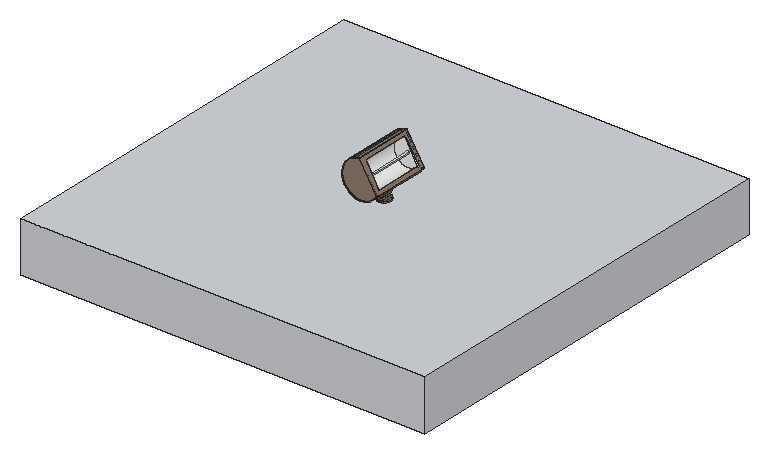
Revit family
Parameters (values of type "AFL11/35HPS208")
  Wattage = 9.2903 W
  built-in parameter 1150110 = 1 (stored number, unit not read)
  built-in parameter 1114217 = 1 (stored number, unit not read)
  Tilt Angle = 30.00°
  built-in parameter 1150109 = 1 (stored number, unit not read)
  built-in parameter 1150134 = 3
  built-in parameter 1150113 = 1 (stored number, unit not read)
  Standard Swivel Material = Metal-Kim Lighting-Aluminum
  Photometric Web File = "generic.ies"
  built-in parameter 1150105 = 109.82 (stored number, unit not read)
  Lumens = 1380 lm
  built-in parameter 1150115 = 1 (stored number, unit not read)
  built-in parameter 1150137 = (empty or 0)
  built-in parameter 1150139 = (empty or 0)
  Light Bulb Visible = Light Bulb = 1  # yes
  Light Bulb = 1
  Wattage Comments = "35 WATT HIGH PRESSURE SODIUM"
  Voltage = 120 V
  URL = "www.kimlighting.com/"
  Type Comments = "Lighting Fixture"  # constant formula
  Series = "AFL10 Architectural Floodlights"  # constant formula
  Revision Date = "01/08/2010"  # constant formula
  Power Factor = 1
  OmniClass Title = "Exterior Floodlighting"  # constant formula
  OmniClass Number = "23-80 70 14 14"  # constant formula
  Number of Poles = 1
  Note Visible = yes
  Note Text = "LF"  # constant formula
  Model = "AFL10 Architectural Floodlights"  # constant formula
  MasterFormat Title = "Flood Lighting"  # constant formula
  MasterFormat Number = "26 56 36"  # constant formula
  Manufacturer = "Kim Lighting"  # constant formula
  Light Source-Kim Lighting = Light Source-Kim Lighting
  built-in parameter 1150112 = 1 (stored number, unit not read)
  built-in parameter 1150114 = 1 (stored number, unit not read)
  Lamp = "HPS"
  LEED = "www.usgbc.org"
  Kim Lighting IES File = "afl11-035s.ies"
  Keynote = ""
  Initial Lumens = 2250 lm
  Inside Material = Metal-Kim Lighting-Aluminum-Reflective
  built-in parameter 1150132 = (empty or 0)
  built-in parameter 1150102 = (empty or 0)
  built-in parameter 1150107 = 3200 (stored number, unit not read)
  built-in parameter 1150138 = (empty or 0)
  built-in parameter 1150106 = 1.0982 (stored number, unit not read)
  Glass Material = Glass-Kim Lighting-Clear
  Full Load Current = 0 A
  Frequency = 60 Hz
  Finish = "All colors shall be a Super TGIC powder coat paint. Optional white (WH) and custom colors available."
  built-in parameter 1150104 = 13.8 (stored number, unit not read)
  Dimming Lamp Color Temperature Shift = (empty or 0)
  Description = "Exterior Lighting"  # constant formula
  Default Elevation = 0' - 0"
  Outside Material = Metal-Kim Lighting-Aluminum Alloy-Bronze
  Cost = 0
  Color Filter = 16777215
  built-in parameter 1114216 [instance] = (empty or 0)
  built-in parameter 1140040 [instance] = -1
  built-in parameter 1114218 = 1 (stored number, unit not read)
  built-in parameter 1150133 = 10 (stored number, unit not read)
  Assembly Code = "D5020200"
  Architectural Design Manual = "http://www.kimlighting.com/kl-1071.pdf"
  Apparent Load = 50 VA
  Angle = 0.00°
Reference planes (in)
  plane 1 "Center (Front/Back)": y = 0
  plane 2 "Bottom": z = 0
  plane 3 "Center (Left/Right)": x = 0
  plane 4: z = 0
  plane 5 "Left": y = 7
  plane 6 "Right": y = -7
  plane 7 "Center (Elevation)": z = 1.61704
  plane 8: y = 5.75
  plane 9: y = -5.75
  plane 10: y = 0.75
  plane 11: y = 1.10039
  plane 12: y = -1.02454
  plane 13: y = 0.49917
  plane 14: y = -0.50083
  plane 15 "Back": x = -0.8
  plane 16 "Front": x = 0.8
  plane 17: z = 0.5
Forms (in)
  Extrusion 1, solid
    sketch origin (0, 0, 0) x (1, 0, 0) y (0, 1, 0)
      loop
        line (-48, 48) -> (-48, -48) -> (48, -48) -> (48, 48) -> (-48, 48)
    from 0 to -12
  Sweep 2, solid, material "Metal-Kim Lighting-Aluminum" <- "Standard Swivel Material"
    path in 3D
      loop
        line (0, -0.50083, 6.9821) -> (0, 0.49917, 6.9821)
    profile origin (0, -0.00083, 6.9821) x (-1, 0, 0) y (0, 0, 1)
      loop
        line (-0.75, -4.39083) -> (-0.75, -5.31651)
        arc (-0.75, -5.31651) -> (0, -6.12261) -> (0.75, -5.31651) r 0.75195
        line (0.75, -5.31651) -> (0.75, -4.39083) -> (-0.75, -4.39083)
  Sweep 3, solid, material "Metal-Kim Lighting-Aluminum" <- "Standard Swivel Material", detail levels fine
    path in 3D
      loop
        line (0, 1.10039, 1.625) -> (0, -1.02454, 1.625)
    profile origin (0, 0.03793, 1.625) x (1, 0, 0) y (0, 0, 1)
      loop
        line (0.8, -1.125) -> (-0.8, -1.125) -> (-0.8, -1.5) -> (0.8, -1.5) -> (0.8, -1.125)
  Sweep 4, solid, material "Metal-Kim Lighting-Aluminum" <- "Standard Swivel Material"
    path in 3D
      loop
        line (0, 0.75, 1.625) -> (0, 0, 1.625)
    profile origin (0, 0.375, 1.625) x (1, 0, 0) y (0, 0, 1)
      loop
        arc (0.8, -0.05593) -> (0, 0.80195) -> (-0.8, -0.05593) r 0.80195
        line (-0.8, -0.05593) -> (-0.8, -1.5) -> (0.8, -1.5) -> (0.8, -0.05593)
  Sweep 5, solid, material "Metal-Kim Lighting-Aluminum" <- "Standard Swivel Material"
    path origin (0, 0, 0) x (1, 0, 0) y (0, 0, 1)
      loop
        line (0, 0.125) -> (0, 0)
    profile origin (0, 0, 0.0625) x (0, -1, 0) y (1, 0, 0)
      loop
        circle (0, 0) r 1.5
  Sweep 6, solid, material "Metal-Kim Lighting-Aluminum" <- "Standard Swivel Material", detail levels fine
    path in 3D
      loop
        line (0.8, 1.10039, 0.5) -> (0.8, -1.02454, 0.5)
    profile origin (0.8, 0.03793, 0.5) x (1, 0, 0) y (0, 0, 1)
      loop
        circle (-0.8, 1.11704) r 0.80195
Lines and regions (in)
  reference lines
    curve 1: line (0, 0, 0.83114) -> (0, 0, 1.33114)
    curve 2: line (0, 0, 0) -> (0, 0, 1.625)
    curve 3: line (0, 0, 1.625) -> (0, 0, 6.9821)
    curve 4: line (0, -7, 6.9821) -> (0, 7, 6.9821)
    curve 60: line (0, 1.10039, 1.625) -> (0, -1.02454, 1.625)
    curve 63: line (0, 0, 6.9821) -> (0.43301, 0, 7.2321)
  sketch lines
    curve 5: line (0, -0.50083, 6.9821) -> (0, 0.49917, 6.9821)
    curve 61: line (0, 0.75, 1.625) -> (0, 0, 1.625)
    curve 62: line (0, 1.10039, 1.625) -> (0, -1.02454, 1.625)
    curve 76: line (0.8, 1.10039, 0.5) -> (0.8, -1.02454, 0.5)
  symbolic lines
    curve 6: line (-1.81371, 7, 0) -> (4.7324, 7, 0)
    curve 7: line (-1.81371, -7, 0) -> (-1.81371, 7, 0)
    curve 8: line (4.7324, -7, 0) -> (-1.81371, -7, 0)
    curve 9: line (4.7324, 7, 0) -> (4.7324, -7, 0)
    curve 17: line (-0.8, 7, 10.62762) -> (-0.8, -7, 10.62762)
    curve 18: line (-0.8, 7, 1.60245) -> (-0.8, 7, 10.62762)
    curve 19: line (-0.8, -7, 1.60245) -> (-0.8, 7, 1.60245)
    curve 20: line (-0.8, -7, 10.62762) -> (-0.8, -7, 1.60245)
  symbolic lines, detail levels coarse
    curve 10: line (-1.81371, 4.89351, 0) -> (4.31129, -7, 0)
    curve 11: line (4.31129, 7, 0) -> (-1.81371, -4.55205, 0)
    curve 22: line (-0.8, 7, 10.62396) -> (-0.8, -7, 1.61697)
    curve 23: line (-0.8, -7, 10.62396) -> (-0.8, 7, 1.61223)
    curve 35: line (-0.8, 0, 1.60245) -> (-0.8, 0.73632, 0)
    curve 36: line (-0.8, 0, 1.60245) -> (-0.8, -0.73632, 0)
    curve 37: line (-0.8, 0.73632, 0) -> (-0.8, -0.73632, 0)
    curve 50: line (0, 0, 1.625) -> (0.79257, 0, 0)
    curve 51: line (0, 0, 1.625) -> (-0.82798, 0, 0)
    curve 64: line (-0.45753, 0, 12.05358) -> (-6.09466, 0, 8.79898)
    curve 65: line (-1.59466, 0, 1.00475) -> (4.04247, 0, 4.25935)
    curve 66: line (-6.09466, 0, 8.79898) -> (-1.59466, 0, 1.00475)
    curve 68: line (-0.45753, 0, 12.05358) -> (4.04247, 0, 4.25935)
    curve 69: line (-0.45753, 0, 12.05358) -> (-2.58119, 0, 2.71346)
    curve 70: line (4.04247, 0, 4.25935) -> (-5.15924, 0, 7.17878)
    curve 75: line (-0.82798, -1.02454, 0) -> (0.79257, -1.02454, 0)
  symbolic lines, detail levels medium+fine
    curve 12: arc (-1.81371, 1.34451, 0) -> (-2.40808, 0, 0) -> (-1.81371, -1.34451, 0) r 1.81789
    curve 13: line (3.17188, 5.75, 0) -> (4.7324, 5.75, 0)
    curve 14: line (3.17188, 5.75, 0) -> (3.17188, -5.75, 0)
    curve 15: line (3.17188, -5.75, 0) -> (4.7324, -5.75, 0)
    curve 21: line (-0.8, 0.75, 1.60245) -> (-0.8, -0.50083, 1.60245)
    curve 24: line (-0.8, 0, 0.85949) -> (-0.8, -0.50083, 0.85949)
    curve 25: line (-0.8, -0.50083, 0.85949) -> (-0.8, -0.50083, 1.60245)
    curve 26: line (-0.8, 6, 9.58719) -> (-0.8, -6, 9.58719)
    curve 27: line (-0.8, 6, 2.649) -> (-0.8, 6, 9.58719)
    curve 28: line (-0.8, -6, 2.649) -> (-0.8, 6, 2.649)
    curve 29: line (-0.8, -6, 9.58719) -> (-0.8, -6, 2.649)
    curve 32: line (-0.8, 1.49789, 0.125) -> (-0.8, -1.50439, 0.125)
    curve 33: line (-0.8, -1.50439, 0) -> (-0.8, 1.49789, 0)
    curve 34: line (-0.8, -1.50439, 0.125) -> (-0.8, -1.50439, 0)
    curve 38: line (-0.8, 0.75, 1.60245) -> (-0.8, 0.75, 0.125)
    curve 39: line (-0.8, 0, 0.55983) -> (-0.8, 0, 1.60245)
    curve 40: line (-0.8, 1.49789, 0.125) -> (-0.8, 1.49789, 0)
    curve 52: line (1.49916, 0.75, 0) -> (-1.50002, 0.75, 0)
    curve 53: line (1.49916, 0.75, 0.125) -> (1.49916, 0.75, 0)
    curve 54: line (-1.50002, 0.75, 0) -> (-1.50002, 0.75, 0.125)
    curve 55: line (0.75, 0, 2.69351) -> (0.75, 0, 1.92596)
    curve 56: line (0.8, 0, 1.51064) -> (0.8, 0, 0.125)
    curve 57: line (-0.8, 0, 1.56907) -> (-0.8, 0, 0.125)
    curve 58: circle (0, 0, 1.625) r 0.80195 normal (0, -1, 0)
    curve 59: line (-0.75488, 0, 2.70177) -> (-0.75488, 0, 1.91395)
    curve 71: line (-0.2119, 0, 11.62814) -> (3.79685, 0, 4.68479)
    curve 73: arc (-0.2119, 0, 11.62814) -> (-3.87522, 0, 4.88422) -> (3.79685, 0, 4.68479) r 4.5
    curve 74: line (-1.5, -1.02454, 0.125) -> (1.5, -1.02454, 0.125)
  symbolic lines, detail levels fine
    curve 16: line (2.18629, 7, 0) -> (2.18629, -7, 0)
    curve 30: line (-0.8, 7, 10.08719) -> (-0.8, -7, 10.08719)
    curve 31: line (-0.8, 7, 2.149) -> (-0.8, -7, 2.149)
    curve 42: line (-0.8, 1.10039, 0.55983) -> (-0.8, -1.02454, 0.55983)
    curve 43: line (-0.8, -1.02454, 0.55983) -> (-0.8, -1.02454, 0.125)
    curve 44: line (-0.8, -0.50083, 0.85949) -> (-0.8, -0.89961, 0.85949)
    curve 45: line (-0.8, -0.89961, 0.85949) -> (-0.8, -0.89961, 1.60245)
    curve 46: line (-0.8, 0.75, 1.60245) -> (-0.8, 1.10039, 1.60245)
    curve 47: line (-0.8, 1.10039, 0.85949) -> (-0.8, 0.75, 0.85949)
    curve 48: line (-0.8, 1.10039, 0.85949) -> (-0.8, 1.10039, 1.60245)
    curve 67: line (-1.28705, 0, 11.43964) -> (3.09603, 0, 3.84793)
    curve 72: line (-0.8, 1.10039, 0.55983) -> (-0.8, 1.10039, 0.125)
  symbolic lines, detail levels medium
    curve 41: line (-0.8, -1.50439, 0.125) -> (-0.8, 1.49789, 0.125)
    curve 49: line (-0.8, 0, 0.55983) -> (-0.8, 0, 0.125)
Dimensions and locks (in)
  locked: Sweep 2 to curve 60 at 0.96626
  locked: plane 7 "Center (Elevation)" to plane 4 at 1.61704
  "Default Elevation": plane 4 to level
  equal spacing: plane 5 "Left", plane 1 "Center (Front/Back)", plane 6 "Right"
  locked: plane 5 "Left" to plane 6 "Right" at 14
  plane 8 to plane 1 "Center (Front/Back)" to plane 9 = 0' - 5 3/4" locked, 0' - 5 3/4" locked
  locked: plane 11 to plane 1 "Center (Front/Back)" at 1.10039
  locked: plane 10 to plane 1 "Center (Front/Back)" at 0.75
  locked: plane 1 "Center (Front/Back)" to plane 12 at 1.02454
  locked: plane 1 "Center (Front/Back)" to plane 14 at 0.50083
  locked: plane 13 to plane 1 "Center (Front/Back)" at 0.49917
  plane 15 "Back" to plane 3 "Center (Left/Right)" to plane 16 "Front" = 0' - 0.8" locked, 0' - 0.8" locked
  locked: plane 4 to curve 51 at 1.625
  locked: plane 4 to plane 17 at 0.5
  "Angle": angle curve 3 to plane 3 "Center (Left/Right)"
  aligned and locked: plane 2 "Bottom" to Extrusion 1
  aligned and locked: level to Extrusion 1
  aligned and locked: plane 5 "Left" to curve 4
  aligned and locked: plane 6 "Right" to curve 4
  aligned and locked: plane 1 "Center (Front/Back)" to nested 1
  aligned and locked: curve 6 to plane 5 "Left"
  aligned and locked: Sweep 5 to curve 54
  aligned and locked: Sweep 5 to curve 53
  aligned and locked: curve 52 to plane 4
  aligned and locked: plane 4 to Sweep 5
  aligned and locked: plane 4 to curve 33
  aligned and locked: curve 37 to plane 4
  aligned and locked: curve 19 to curve 46
  aligned and locked: curve 60 to curve 43
  aligned and locked: curve 72 to Sweep 3
  aligned and locked: curve 74 to Sweep 5
  aligned and locked: Sweep 5 to plane 4
  aligned and locked: plane 8 to nested 2
  aligned and locked: plane 10 to Sweep 4
  aligned and locked: plane 3 "Center (Left/Right)" to Sweep 5 sketch curve
  aligned and locked: plane 1 "Center (Front/Back)" to Sweep 5 sketch curve
  aligned and locked: plane 14 to Sweep 2
  aligned and locked: plane 13 to Sweep 2
  aligned and locked: plane 11 to Sweep 3
  aligned and locked: plane 12 to Sweep 3
  aligned and locked: plane 16 "Front" to Sweep 4
  aligned and locked: plane 15 "Back" to Sweep 4
  aligned and locked: plane 3 "Center (Left/Right)" to Sweep 6 sketch curve
  aligned and locked: plane 7 "Center (Elevation)" to Sweep 6 sketch curve
  aligned and locked: imposter light to plane 17
  aligned and locked: plane 17 to Sweep 3
  aligned and locked: imposter light to plane 1 "Center (Front/Back)"
Automatic sketch dimensions
  Extrusion 1 sketch curve to Extrusion 1 sketch curve = 8' - 0"  (x2)
  Sweep 3 sketch curve to profile plane = 0' - 1 1/8"
  Sweep 3 sketch curve to profile plane = 0' - 0.8"
  Sweep 3 sketch curve to profile plane = 0' - 1 1/2"
  profile plane to Sweep 3 sketch curve = 0' - 0.8"
  curve 60 to plane 3 "Center (Left/Right)" = 0' - 0"
  curve 60 to plane 1 "Center (Front/Back)" = 0' - 1.10039"
  plane 1 "Center (Front/Back)" to curve 60 = 0' - 1.02454"
  Sweep 4 sketch curve to profile plane = 0' - 0"  (x2)
  Sweep 4 sketch curve to profile plane = 0' - 0.05593"
  profile plane to Sweep 4 sketch curve = 0' - 0.8"
  Sweep 4 sketch curve to profile plane = 0' - 0.8"
  Sweep 4 sketch curve to Sweep 4 sketch curve = 0' - 1.44407"
  curve 63 to curve 3 = 0' - 0"  (x2)
  curve 3 to curve 63 = 0' - 0 1/4"
  curve 63 to curve 3 = 0' - 0.43301"
  curve 4 to plane 6 "Right" = 0' - 0"
  Sweep 2 sketch curve to profile plane = 0' - 0"
  profile plane to Sweep 2 sketch curve = 0' - 0 3/4"
  Sweep 2 sketch curve to profile plane = 0' - 0 3/4"
  Sweep 2 sketch curve to profile plane = 0' - 5.37066"
  Sweep 2 sketch curve to Sweep 2 sketch curve = 0' - 0.05414"
  Sweep 2 sketch curve to Sweep 2 sketch curve = 0' - 0.92568"
  curve 57 to Sweep 4 = 0' - 0"  (x2)
  curve 56 to Sweep 4 = 0' - 0"  (x2)
  Sweep 4 to curve 51 = 0' - 0.02798"
  Sweep 4 to curve 51 = 0' - 0 1/8"
  curve 50 to Sweep 4 = 0' - 0.00743"
  Sweep 4 to curve 50 = 0' - 0 1/8"
  curve 56 to curve 58 = 0' - 0.11436"
  curve 50 to curve 58 = 0' - 0"
  curve 51 to curve 58 = 0' - 0"
  Sweep 5 sketch curve to plane 3 "Center (Left/Right)" = 0' - 0"
  plane 4 to Sweep 5 sketch curve = 0' - 0 1/8"
  Sweep 5 sketch curve to plane 4 = 0' - 0"
  curve 52 to plane 3 "Center (Left/Right)" = 0' - 1 1/2"
  plane 3 "Center (Left/Right)" to curve 53 = 0' - 1.49916"
  curve 1 to plane 3 "Center (Left/Right)" = 0' - 0"
  curve 2 to plane 3 "Center (Left/Right)" = 0' - 0"
  curve 2 to plane 4 = 0' - 0"
  level to curve 1 = 0' - 1.33114"
  curve 1 to curve 1 = 0' - 0 1/2"
  plane 7 "Center (Elevation)" to curve 3 = 0' - 0.00796"
  curve 47 to Sweep 3 = 0' - 0"
  curve 46 to Sweep 3 = 0' - 0"
  curve 33 to Sweep 3 = 0' - 0.39749"
  curve 28 to Sweep 3 = 0' - 4.89961"
  curve 22 to curve 26 = 0' - 1"
  curve 31 to curve 27 = 0' - 1"
  curve 46 to curve 38 = 0' - 0.35039"
  curve 38 to curve 37 = 0' - 0.01368"
  curve 47 to curve 49 = 0' - 0 3/4"
  curve 35 to curve 21 = 0' - 0.50083"
  Sweep 3 to curve 37 = 0' - 0.28822"
  curve 36 to curve 37 = 0' - 0"
  Sweep 3 to curve 45 = 0' - 0.12493"
  curve 32 to Sweep 3 = 0' - 0.47985"
  curve 29 to Sweep 3 = 0' - 4.97546"
  curve 28 to curve 31 = 0' - 1"
  curve 42 to curve 47 = 0' - 0.29966"
  curve 18 to curve 23 = 0' - 0.00978"
  curve 19 to curve 22 = 0' - 0.01452"
  curve 23 to curve 31 = 0' - 0.53677"
  curve 27 to curve 27 = 0' - 6.93819"
  curve 26 to curve 30 = 0' - 0 1/2"
  curve 30 to curve 23 = 0' - 0.53677"
  curve 30 to curve 22 = 0' - 0.53677"
  curve 23 to curve 17 = 0' - 0.00366"
  curve 75 to Sweep 3 = 0' - 0.00743"
  Sweep 3 to curve 75 = 0' - 0 1/8"
  Sweep 3 to curve 74 = 0' - 0.7"
  Sweep 3 to curve 75 = 0' - 0.02798"
  curve 75 to curve 74 = 0' - 0.67202"
  curve 66 to curve 3 = 0' - 0.62025"
  curve 3 to curve 59 = 0' - 0.28895"
  curve 3 to curve 55 = 0' - 0.30096"
  curve 55 to curve 55 = 0' - 0.76755"
  curve 59 to curve 59 = 0' - 0.78782"
  curve 3 to curve 69 = 0' - 1.08846"
  curve 3 to curve 67 = 0' - 2.22293"
  curve 67 to curve 65 = 0' - 0.41142"
  curve 70 to curve 71 = 0' - 0.42544"
  curve 3 to curve 73 = 0' - 0.02189"
  curve 3 to curve 73 = 0' - 0.15212"
  curve 3 to curve 70 = 0' - 0.19669"
  curve 3 to curve 66 = 0' - 1.81688"
  curve 67 to curve 3 = 0' - 1.28705"
  curve 67 to curve 64 = 0' - 0.61394"
  curve 71 to curve 3 = 0' - 0.2119"
  curve 65 to curve 73 = 0' - 0.24563"
  curve 64 to curve 3 = 0' - 0.45753"
  curve 7 to plane 6 "Right" = 0' - 0"
  curve 12 to plane 1 "Center (Front/Back)" = 0' - 0"
  curve 13 to plane 8 = 0' - 0"
  curve 15 to plane 9 = 0' - 0"
  curve 7 to plane 3 "Center (Left/Right)" = 0' - 1.81371"
  curve 12 to plane 3 "Center (Left/Right)" = 0' - 0.59019"
  curve 16 to curve 13 = 0' - 0.98559"
  curve 14 to curve 10 = 0' - 1.13941"
  curve 13 to curve 11 = 0' - 1.13941"
  curve 10 to curve 9 = 0' - 0.42111"
  curve 11 to plane 9 = 0' - 1.19795"
  curve 12 to plane 12 = 0' - 0.31997"
  curve 10 to plane 8 = 0' - 0.85649"
  plane 3 "Center (Left/Right)" to curve 16 = 0' - 2.18629"
  curve 49 to curve 49 = 0' - 0.43483"
  curve 43 to curve 42 = 0' - 0.43483"
  curve 39 to curve 25 = 0' - 0.29966"
  curve 31 to curve 28 = 0' - 0 1/2"
  curve 40 to Sweep 3 = 0' - 0"
  curve 18 to Sweep 3 = 0' - 1.10245"
  curve 57 to curve 50 = 0' - 0.05593"
  curve 51 to Sweep 4 = 0' - 0.8"
  radius of Sweep 5 sketch curve = 0' - 1 1/2"
  radius of Sweep 6 sketch curve = 0' - 0.80195"
Nested families (in)
  nested 1: "Notation" at (4.72217, 0, 0) x (0, -1, 0) z (0, 0, 1), visible <- "Note Visible", type "Notation", detail levels coarse
  nested 2: "Lighting_Fixture-Kim_Lighting-AFL10 Head" at (-0.01256, 0, 2.59126), type "AFL10"
Connectors (in)
  electrical at (0, 0, 0.125), driven by "Power Factor", driven by "Apparent Load", driven by "Voltage", driven by "Number of Poles", driven by "Apparent Load", driven by "Wattage Comments"
    settings: on Sweep 5, index 1
Definition of nested family "Lighting_Fixture-Kim_Lighting-AFL10 Head"
  Parameters (values of type "AFL10")
    Tilt Angle = 30.00°
    Series = "AFL10 Architectural Floodlights"
    Revision Date = "01/08/2010"
    Photometric Web File = "generic.ies"
    OmniClass Title = "Exterior Floodlighting"
    OmniClass Number = "23-80 70 14 14"
    MasterFormat Title = "Flood Lighting"
    MasterFormat Number = "26 56 36"
    Light Bulb Visible = Light Bulb = 1  # yes
    Light Bulb = 1
    Wattage Comments = "35 WATT HIGH PRESSURE SODIUM"
    Wattage = 9.2903 W
    built-in parameter 1150110 = 1 (stored number, unit not read)
    Voltage = 120 V
    URL = "www.kimlighting.com/"
    Type Comments = "Lighting Fixture"
    built-in parameter 1114217 = 1 (stored number, unit not read)
    built-in parameter 1150109 = 1 (stored number, unit not read)
    built-in parameter 1150134 = 3
    built-in parameter 1150113 = 1 (stored number, unit not read)
    Model = "AFL10 Architectural Floodlights"
    Manufacturer = "Kim Lighting"
    built-in parameter 1150105 = 109.82 (stored number, unit not read)
    Lumens = 1380 lm
    built-in parameter 1150115 = 1 (stored number, unit not read)
    Light Source-Kim Lighting = Light Source-Kim Lighting
    built-in parameter 1150137 = (empty or 0)
    built-in parameter 1150139 = (empty or 0)
    built-in parameter 1150112 = 1 (stored number, unit not read)
    built-in parameter 1150114 = 1 (stored number, unit not read)
    Lamp = "HPS"
    LEED = "www.usgbc.org"
    Kim Lighting IES File = "afl11-035s.ies"
    Initial Lumens = 2250 lm
    built-in parameter 1150132 = (empty or 0)
    built-in parameter 1150102 = (empty or 0)
    built-in parameter 1150107 = 3200 (stored number, unit not read)
    built-in parameter 1150138 = (empty or 0)
    Inside Material = Metal-Kim Lighting-Aluminum-Reflective
    built-in parameter 1150106 = 1.0982 (stored number, unit not read)
    Glass Material = Glass-Kim Lighting-Clear
    Full Load Current = 0 A
    Finish = "All colors shall be a Super TGIC powder coat paint. Optional white (WH) and custom colors available."
    built-in parameter 1150104 = 13.8 (stored number, unit not read)
    Dimming Lamp Color Temperature Shift = (empty or 0)
    Description = "Exterior Lighting"
    Default Elevation = 0' - 0"
    Outside Material = none
    Color Filter = 16777215
    built-in parameter 1114218 = 1 (stored number, unit not read)
    built-in parameter 1150133 = 10 (stored number, unit not read)
    Assembly Code = "D5020200"
    Architectural Design Manual = "http://www.kimlighting.com/kl-1071.pdf"
    Apparent Load = 50 VA
  Reference planes (in)
    plane 1 "Center (Front/Back)": y = 0
    plane 2: z = 0
    plane 3 "Center (Left/Right)": x = 0
    plane 4: z = 0
    plane 5 "Left": y = 7
    plane 6 "Right": y = -7
    plane 7: y = 5.75
    plane 8: y = 5.8503
    plane 9: y = -5.75
    plane 10: y = -5.8503
    plane 11 "Bottom": z = 0
  Forms (in)
    Extrusion 1, solid
      sketch origin (0, 0, 0) x (1, 0, 0) y (0, 1, 0)
        loop
          line (-48, 48) -> (-48, -48) -> (48, -48) -> (48, 48) -> (-48, 48)
      from 0 to -12
    Sweep 2, solid, material <- "Outside Material", detail levels medium+fine
      path in 3D
        loop
          line (0, -7, 4.5) -> (0, 7, 4.5)
      profile origin (0, 0, 4.5) x (-1, 0, 0) y (0, 0, 1)
        loop
          line (1.35649, 4.29068) -> (1.30445, 4.20055)
          arc (1.30445, 4.20055) -> (3.80916, -2.19922) -> (-2.98556, -3.22997) r 4.39844
          line (-2.98556, -3.22997) -> (-3.0376, -3.32009)
          arc (-3.0376, -3.32009) -> (3.89711, -2.25) -> (1.35649, 4.29068) r 4.5
    Sweep 3, solid, material "Metal-Kim Lighting-Aluminum-Reflective" <- "Inside Material", detail levels medium+fine
      path in 3D
        loop
          line (0, -5.75, 4.5) -> (0, 5.75, 4.5)
      profile origin (0, 0, 4.5) x (-1, 0, 0) y (0, 0, 1)
        loop
          line (0.7038, 3.34644) -> (-0.10354, 3.81255) -> (-0.11969, 3.78459) -> (0.68765, 3.31847)
          arc (0.68765, 3.31847) -> (1.8655, -1.07733) -> (-2.5303, -2.25518) r 3.21795
          line (-2.5303, -2.25518) -> (-3.33763, -1.78906) -> (-3.35378, -1.81703) -> (-2.5462, -2.28273)
          arc (-2.5462, -2.28273) -> (1.89338, -1.09314) -> (0.7038, 3.34644) r 3.25
    Sweep 4, solid, material "Glass-Kim Lighting-Clear" <- "Glass Material", detail levels medium+fine
      path in 3D
        loop
          line (0, -5.75, 4.5) -> (0, 5.75, 4.5)
      profile origin (0, 0, 4.5) x (-1, 0, 0) y (0, 0, 1)
        loop
          line (-0.20602, 3.81504) -> (-0.24019, 3.83477) -> (-3.45725, -1.73735) -> (-3.42308, -1.75708) -> (-0.20602, 3.81504)
    Sweep 5, solid, material <- "Outside Material", detail levels medium+fine
      path in 3D
        loop
          line (0, -7, 4.5) -> (0, -6.5, 4.5)
      profile origin (0, -6.75, 4.5) x (-1, 0, 0) y (0, 0, 1)
        loop
          arc (-3.71831, -2.34955) -> (3.80916, -2.19922) -> (0.17562, 4.39493) r 4.39844
          line (0.17562, 4.39493) -> (-3.71831, -2.34955)
    Sweep 6, solid, material <- "Outside Material", detail levels medium+fine
      path in 3D
        loop
          line (0, 6.5, 4.5) -> (0, 7, 4.5)
      profile origin (0, 6.75, 4.5) x (-1, 0, 0) y (0, 0, 1)
        loop
          line (0.19155, 4.42254) -> (-3.7177, -2.34849)
          arc (-3.7177, -2.34849) -> (3.81733, -2.18483) -> (0.19155, 4.42254) r 4.40768
    Sweep 7, solid, material <- "Outside Material", detail levels medium+fine
      path in 3D
        loop
          line (1.80647, 0, 5.54297) -> (1.77135, 0, 5.52269)
      profile origin (1.78891, 0, 5.53283) x (0.5, 0, -0.866025) y (0, -1, 0)
        loop
          line (3.8927, -7) -> (3.8927, 7) -> (-3.92501, 7) -> (-3.92501, -7) -> (3.8927, -7)
        loop
          line (-3.2177, -5.75) -> (3.21819, -5.75) -> (3.21819, 5.75) -> (-3.2177, 5.75) -> (-3.2177, -5.75)
    Sweep 8, solid, material "Metal-Kim Lighting-Aluminum-Reflective" <- "Inside Material", detail levels medium+fine
      path in 3D
        loop
          line (0, -5.8503, 4.5) -> (0, -5.75, 4.5)
      profile origin (0, -5.8503, 4.5) x (-1, 0, 0) y (0, 0, 1)
        loop
          line (0.69054, 3.30835) -> (-0.12335, 3.77825) -> (-3.33373, -1.7823) -> (-2.51984, -2.2522)
          arc (-2.51984, -2.2522) -> (1.86562, -1.07712) -> (0.69054, 3.30835) r 3.21039
    Sweep 9, solid, material "Metal-Kim Lighting-Aluminum-Reflective" <- "Inside Material", detail levels medium+fine
      path in 3D
        loop
          line (0, 5.75, 4.5) -> (0, 5.8503, 4.5)
      profile origin (0, 5.80015, 4.5) x (-1, 0, 0) y (0, 0, 1)
        loop
          line (-0.20487, 3.81702) -> (-3.41583, -1.74451) -> (-2.5498, -2.24451)
          arc (-2.5498, -2.24451) -> (1.83644, -1.06922) -> (0.66115, 3.31702) r 3.21096
          line (0.66115, 3.31702) -> (-0.20487, 3.81702)
    Sweep 10, solid, material "Metal-Kim Lighting-Aluminum-Reflective" <- "Inside Material", visible <- "Light Bulb Visible", detail levels fine
      path in 3D
        loop
          line (0, -5.75, 4.5) -> (0, 5.5, 4.5)
      profile origin (0, -0.125, 4.5) x (-1, 0, 0) y (0, 0, 1)
        loop
          circle (-1.27042, 0.74031) r 0.25
    Sweep 11, solid, material <- "Outside Material", detail levels medium+fine
      path in 3D
        loop
          line (0, -7, 4.5) -> (0, 7, 4.5)
      profile origin (0, 0, 4.5) x (-1, 0, 0) y (0, 0, 1)
        loop
          arc (-3.00555, -3.2131) -> (-3.37123, -2.825) -> (-3.68813, -2.39614) r 4.4734
          line (-3.68813, -2.39614) -> (-3.74494, -2.49453)
          arc (-3.74494, -2.49453) -> (-3.42485, -2.91898) -> (-3.05769, -3.30342) r 4.57496
          line (-3.05769, -3.30342) -> (-3.00555, -3.2131)
        loop
          arc (1.33721, 4.30118) -> (0.81974, 4.42935) -> (0.29075, 4.49549) r 4.50506
          line (0.29075, 4.49549) -> (0.23397, 4.39713)
          arc (0.23397, 4.39713) -> (0.76521, 4.33602) -> (1.28513, 4.21097) r 4.4035
          line (1.28513, 4.21097) -> (1.33721, 4.30118)
    Sweep 12, solid, material <- "Outside Material", detail levels coarse
      path in 3D
        loop
          line (0, -7, 4.5) -> (0, 7, 4.5)
      profile origin (0, 0, 4.5) x (-1, 0, 0) y (0, 0, 1)
        loop
          line (0.14535, 4.50254) -> (-3.82375, -2.37214)
          arc (-3.82375, -2.37214) -> (3.91011, -2.25416) -> (0.14535, 4.50254) r 4.50587
  Cuts and joins
    joined: Sweep 2, Sweep 11
  Lines and regions (in)
    reference lines
      curve 1: line (0, 0, 0) -> (0, 0, 4.5)
      curve 2: line (0, -7, 4.5) -> (0, 7, 4.5)
      curve 12: line (0, 1.10039, 1.625) -> (0, -1.02454, 1.625)
      curve 13: line (0, 0, 4.5) -> (0.43301, 0, 4.75)
    sketch lines
      curve 3: line (0, -7, 4.5) -> (0, 7, 4.5)
      curve 4: line (0, -5.75, 4.5) -> (0, 5.75, 4.5)
      curve 5: line (0, -5.75, 4.5) -> (0, 5.75, 4.5)
      curve 6: line (0, -7, 4.5) -> (0, -6.5, 4.5)
      curve 7: line (0, 6.5, 4.5) -> (0, 7, 4.5)
      curve 8: line (0, -5.8503, 4.5) -> (0, -5.75, 4.5)
      curve 9: line (0, 5.75, 4.5) -> (0, 5.8503, 4.5)
      curve 10: line (0, -5.75, 4.5) -> (0, 5.5, 4.5)
      curve 11: line (0, -7, 4.5) -> (0, 7, 4.5)
      curve 14: line (1.80647, 0, 5.54297) -> (1.77135, 0, 5.52269)
      curve 15: line (0, -7, 4.5) -> (0, 7, 4.5)
  Dimensions and locks (in)
    equal spacing: plane 5 "Left", plane 1 "Center (Front/Back)", plane 6 "Right"
    locked: plane 5 "Left" to plane 6 "Right" at 14
    equal spacing: plane 7, plane 1 "Center (Front/Back)", plane 9
    locked: plane 7 to plane 9 at 11.5
    locked: plane 8 to plane 10 at 11.7006
    equal spacing: plane 8, plane 1 "Center (Front/Back)", plane 10
    aligned and locked: plane 2 to Extrusion 1
    aligned and locked: level to Extrusion 1
    aligned and locked: plane 1 "Center (Front/Back)" to nested 1
    aligned and locked: plane 7 to Sweep 3
    aligned and locked: plane 8 to Sweep 9
    aligned and locked: plane 10 to Sweep 8
    aligned and locked: plane 9 to Sweep 8
    aligned and locked: imposter light to Sweep 12
    aligned and locked: level to plane 11 "Bottom"
  Automatic sketch dimensions
    Extrusion 1 sketch curve to Extrusion 1 sketch curve = 8' - 0"  (x2)
    curve 1 to plane 3 "Center (Left/Right)" = 0' - 0"
    curve 1 to level = 0' - 0"
    level to curve 1 = 0' - 4 1/2"
    curve 2 to plane 3 "Center (Left/Right)" = 0' - 0"
    curve 2 to plane 5 "Left" = 0' - 0"
    curve 2 to plane 6 "Right" = 0' - 0"
    Sweep 2 sketch curve to Sweep 2 sketch curve = 0' - 0"  (x2)
    Sweep 2 sketch curve to profile plane = 0' - 0"  (x2)
    profile plane to Sweep 2 sketch curve = 0' - 2.98556"
    Sweep 2 sketch curve to Sweep 2 sketch curve = 0' - 0.05203"  (x2)
    Sweep 2 sketch curve to profile plane = 0' - 1.30445"
    Sweep 2 sketch curve to profile plane = 0' - 3.22997"
    Sweep 2 sketch curve to Sweep 2 sketch curve = 0' - 0.09013"
    profile plane to Sweep 3 sketch curve = 0' - 3.35378"
    Sweep 3 sketch curve to profile plane = 0' - 1 101/128"
    Sweep 3 sketch curve to Sweep 3 sketch curve = 0' - 0.01615"  (x3)
    Sweep 3 sketch curve to Sweep 3 sketch curve = 0' - 0.80734"
    Sweep 3 sketch curve to Sweep 3 sketch curve = 0' - 0.00024"
    Sweep 3 sketch curve to Sweep 3 sketch curve = 0' - 0.0159"
    profile plane to Sweep 3 sketch curve = 0' - 0.92132"
    Sweep 3 sketch curve to Sweep 3 sketch curve = 0' - 0.00012"
    profile plane to Sweep 3 sketch curve = 0' - 0.11969"
    Sweep 3 sketch curve to profile plane = 0' - 0.68765"
    Sweep 3 sketch curve to Sweep 3 sketch curve = 0' - 0.02797"
    Sweep 3 sketch curve to Sweep 3 sketch curve = 0' - 0.00042"
    profile plane to Sweep 3 sketch curve = 0' - 0.53164"
    Sweep 3 sketch curve to Sweep 3 sketch curve = 0' - 0.00021"
    profile plane to Sweep 4 sketch curve = 0' - 3.45725"
    Sweep 4 sketch curve to profile plane = 0' - 1.75708"
    Sweep 4 sketch curve to Sweep 4 sketch curve = 0' - 0.03417"
    profile plane to Sweep 4 sketch curve = 0' - 0.24019"
    Sweep 4 sketch curve to Sweep 4 sketch curve = 0' - 0.01973"
    Sweep 5 sketch curve to profile plane = 0' - 0"  (x2)
    profile plane to Sweep 5 sketch curve = 0' - 3.71831"
    Sweep 5 sketch curve to profile plane = 0' - 0.17562"
    Sweep 5 sketch curve to profile plane = 0' - 2.34955"
    profile plane to Sweep 6 sketch curve = 0' - 3.7177"
    Sweep 6 sketch curve to profile plane = 0' - 0.00017"
    Sweep 6 sketch curve to profile plane = 0' - 0.19155"
    Sweep 6 sketch curve to profile plane = 0' - 2.34849"
    profile plane to Sweep 6 sketch curve = 0' - 0.01901"
    curve 13 to curve 1 = 0' - 0"  (x2)
    curve 1 to curve 13 = 0' - 0 1/4"
    curve 13 to curve 1 = 0' - 0.43301"
    profile plane to Sweep 7 sketch curve = 0' - 3.92501"
    Sweep 7 sketch curve to Sweep 7 sketch curve = 0' - 0.70731"
    Sweep 7 sketch curve to profile plane = 0' - 3.21819"
    Sweep 7 sketch curve to Sweep 7 sketch curve = 0' - 0.67451"
    Sweep 7 sketch curve to profile plane = 0' - 7"
    Sweep 7 sketch curve to Sweep 7 sketch curve = 0' - 1 1/4"  (x2)
    profile plane to Sweep 7 sketch curve = 0' - 5 3/4"
    profile plane to Sweep 8 sketch curve = 0' - 3.33373"
    Sweep 8 sketch curve to Sweep 8 sketch curve = 0' - 0.81389"
    profile plane to Sweep 8 sketch curve = 0' - 0.91465"
    profile plane to Sweep 8 sketch curve = 0' - 0.12335"
    Sweep 8 sketch curve to profile plane = 0' - 0.69054"
    Sweep 8 sketch curve to profile plane = 0' - 2.2522"
    Sweep 8 sketch curve to Sweep 8 sketch curve = 0' - 0.4699"
    profile plane to Sweep 9 sketch curve = 0' - 3.41583"
    Sweep 9 sketch curve to Sweep 9 sketch curve = 0' - 0.86603"
    profile plane to Sweep 9 sketch curve = 0' - 0.53625"
    profile plane to Sweep 9 sketch curve = 0' - 0.94433"
    profile plane to Sweep 9 sketch curve = 0' - 0.20487"
    Sweep 9 sketch curve to profile plane = 0' - 0.66115"
    Sweep 9 sketch curve to profile plane = 0' - 1.74451"
    profile plane to Sweep 10 sketch curve = 0' - 1.27042"
    profile plane to Sweep 10 sketch curve = 0' - 0.74031"
    Sweep 11 sketch curve to Sweep 11 sketch curve = 0' - 0"  (x4)
    profile plane to Sweep 11 sketch curve = 0' - 3.74494"
    Sweep 11 sketch curve to Sweep 11 sketch curve = 0' - 0.05681"
    Sweep 11 sketch curve to Sweep 11 sketch curve = 0' - 0.68725"
    Sweep 11 sketch curve to Sweep 11 sketch curve = 0' - 0.05215"
    Sweep 11 sketch curve to profile plane = 0' - 0"
    profile plane to Sweep 11 sketch curve = 0' - 0.00271"
    Sweep 11 sketch curve to profile plane = 0' - 0.06164"
    Sweep 11 sketch curve to profile plane = 0' - 0.23397"
    Sweep 11 sketch curve to Sweep 11 sketch curve = 0' - 0.05679"
    Sweep 11 sketch curve to Sweep 11 sketch curve = 0' - 0.99437"
    Sweep 11 sketch curve to Sweep 11 sketch curve = 0' - 0.05208"
    Sweep 11 sketch curve to profile plane = 0' - 2.39614"
    Sweep 11 sketch curve to Sweep 11 sketch curve = 0' - 0.09839"
    Sweep 11 sketch curve to Sweep 11 sketch curve = 0' - 0.71857"
    profile plane to Sweep 11 sketch curve = 0' - 4.21097"
    Sweep 11 sketch curve to Sweep 11 sketch curve = 0' - 0.09021"
    curve 12 to plane 3 "Center (Left/Right)" = 0' - 0"
    curve 12 to plane 1 "Center (Front/Back)" = 0' - 1.10039"
    plane 1 "Center (Front/Back)" to curve 12 = 0' - 1.02454"
    profile plane to Sweep 12 sketch curve = 0' - 3.82375"
    Sweep 12 sketch curve to profile plane = 0' - 0.00123"
    Sweep 12 sketch curve to profile plane = 0' - 0.00791"
    Sweep 12 sketch curve to profile plane = 0' - 0.14535"
    Sweep 12 sketch curve to profile plane = 0' - 2.37214"
    radius of Sweep 10 sketch curve = 0' - 0 1/4"
  Nested families (in)
    nested 1: "Notation" at (4.72217, 0, 0) x (0, -1, 0) z (0, 0, 1), type "Notation", detail levels coarse
  Definition of nested family "Notation"
    Parameters (values of type "Notation")
      Notation = "LF"
    Reference planes (in)
      plane 1: y = 0
      plane 2: x = 0
    Text (in)
      label "Notation" at (0.02149, 0.07192, 0), shows "Notation"
Definition of nested family "Notation"
  Parameters (values of type "Notation")
    Notation = "LF"
  Reference planes (in)
    plane 1: y = 0
    plane 2: x = 0
  Text (in)
    label "Notation" at (0.02149, 0.07192, 0), shows "Notation"
